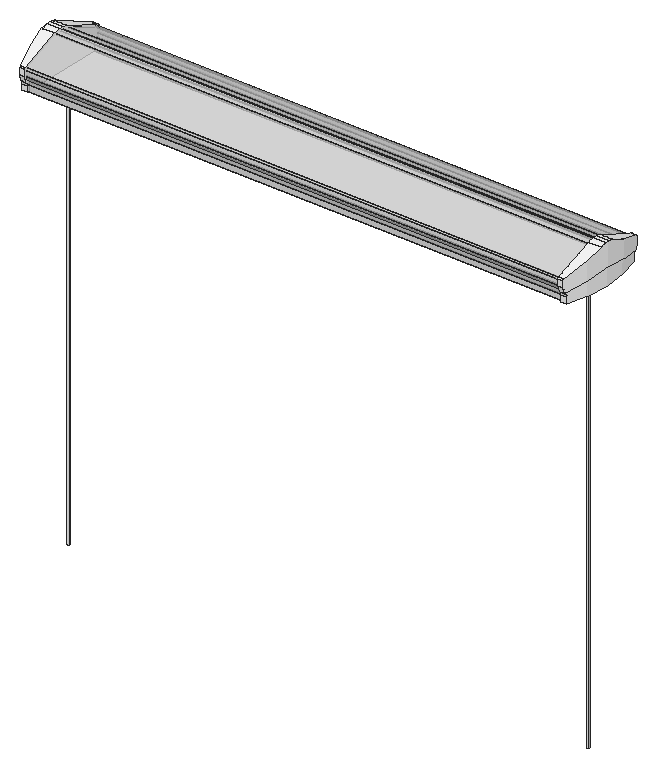
Revit family "0044871 Lighting Fixture_Sylvania_DeltaWing-LED-Electronic_Ceiling Pendant", category Lighting Fixtures, host Face, Revit 2017
Family settings
  Host = Face
  Round Connector Dimension = Use Diameter
  Part Type = Normal
  OmniClass Number = 23.80.70.11.17
  OmniClass Title = Specialized Lighting by Location or Use
  Cut with Voids When Loaded = No
  Light Source = Yes
  Shared = No
  Room Calculation Point = No
Parameters (values of type "DELTAWING LED39 EB 4K 1200")
  Width = 200.0 mm
  Weight = 3.40 kg
  Wattage = 36 W
  built-in parameter 1150110 = 1 (stored number, unit not read)
  Voltage Comments = "UNV (Universal Voltage; 220-240 Volt)"  # constant formula
  Voltage = 230 V  # constant formula
  URL = "http://www.sylvania-lighting.com"
  built-in parameter 1114217 = 1 (stored number, unit not read)
  Tilt Angle = -90.00°
  built-in parameter 1150109 = 1 (stored number, unit not read)
  built-in parameter 1150134 = 12
  Ta Rating = "-10°C to +25°C"  # constant formula
  built-in parameter 1150113 = 1 (stored number, unit not read)
  Product Page URL = "http://www.sylvania-lighting.com/product/en-int/products/0044871"
  Product Family = "DELTAWING LED - ELECTRONIC"  # constant formula
  Photometry Comments = ""
  Photometric Web File = "0044871_DELTAWINGLED40EB4K1200-197903.ies"
  Mounting Height = 1000.0 mm
  Mounting Distance = 1130.0 mm
  Life = "50 000h"  # constant formula
  Length = 1218.0 mm
  LOR = "100%"
  Inrush Current (max. quantity per 16A C breaker) = "20"  # constant formula
  IP Rating = "IP44"  # constant formula
  IK Rating = "IK08"  # constant formula
  Height = 85.0 mm
  Glow Wire Test = 850 °C  # constant formula
  Glare Control = "UGR<22"
  Emit from Line Length = Length - 2.0 mm * 29  # 1160.0 mm
  Electrical Protection = "Class I"  # constant formula
  Drive Current = "250 mA"
  built-in parameter 1114216 [instance] = 1 (stored number, unit not read)
  Cap Material = Plastic_Sylvania_DeltaWing_White
  Model = "DELTAWING LED39 EB 4K 1200"
  Manufacturer = "Feilo Sylvania"
  built-in parameter 1150105 = 320.68 (stored number, unit not read)
  Lumens = 4029.84 lm
  built-in parameter 1150115 = 1 (stored number, unit not read)
  built-in parameter 1150137 = (empty or 0)
  built-in parameter 1150139 = (empty or 0)
  built-in parameter 1150112 = 1 (stored number, unit not read)
  built-in parameter 1150114 = 1 (stored number, unit not read)
  Lamp = "Integrated LED"  # constant formula
  built-in parameter 1150132 = 2
  built-in parameter 1150102 = (empty or 0)
  built-in parameter 1150107 = 4000 (stored number, unit not read)
  built-in parameter 1150138 = (empty or 0)
  built-in parameter 1150106 = 3.2068 (stored number, unit not read)
  CRI (Ra) = "> 80"  # constant formula
  Body Material = Steel_Sylvania_DeltaWing_White
  built-in parameter 1150104 = 10.4 (stored number, unit not read)
  Dimming Lamp Color Temperature Shift = <None>
  Diffuser Material = Polycarbonate_Sylvania_DeltaWing_Opal_4000K
  Description = "Low profile surface and suspended LED diffuser luminaire DeltaWing LED is perfect to fulfil a wide range of applications, including educational environments, medical buildings, storage facilities and circulation areas including stairwells High performance: delivers up to 7,260lm (luminaire lumen output on 4,000K version), and up to 102lm/W (total system efficiency) Available in neutral white (4,000K) and warm white (3,000K) Smooth Polycarbonate extruded diffuser provides high efficiency, while minimising glare Precision prisms designed to optimise light output and reduce glare Options of non-dimmable, DALI, 3 hour maintained Emergency and Integrated Microwave sensor as standard Integrated Microwave sensor mounted discretely behind the diffuser helps further reduce energy and maintenance bills Suitable for suspended mounting using wire suspension kit (to be ordered seperately) BESA box connection possibility standard on product Long lifetime: 50,000 hours life at 70% of the original output L70 Energy class: A++, A+, A"  # constant formula
  Default Elevation = 0.0 mm
  Color Filter = 16777215
  Catalog Number = "0044871 DELTAWING LED39 EB 4K 1200"
  built-in parameter 1140040 [instance] = 1
  built-in parameter 1114218 = 1 (stored number, unit not read)
  built-in parameter 1150133 = 10 (stored number, unit not read)
  Assembly Code = "D5020200"
  Apparent Load = 36 VA
Reference planes
  plane 1 "Center (Front/Back)": y = 0
  plane 2 "Fixture Top": z = 915
  plane 3 "Center (Left/Right)": x = 0
  plane 4 "Fixture Left": x = -609
  plane 5 "Fixture Right": x = 609
  plane 6 "Fixture Back": y = 100
  plane 7 "Fixture Front": y = -100
  plane 8 "Cap left": x = -580
  plane 9 "Cap Right": x = 580
  plane 10 "Lamp Plane": z = 937
  plane 11 "Fixture Bottom": z = 1000
  plane 12: y = 20
  plane 13: y = -20
  plane 14: x = -565
  plane 15: x = 565
  plane 16: z = 900
Forms (mm)
  Extrusion 1, solid, material "Steel_Sylvania_DeltaWing_White" <- "Body Material", detail levels fine
    sketch origin (0, 0, 0) x (0, 1, 0) y (0, 0, 1)
      loop
        line (-88.5, 915) -> (88.5, 915) -> (88.5, 928.239) -> (90.848, 937) -> (88.777, 937) -> (86.5, 928.502) -> (86.5, 917) -> (-86.5, 917) -> (-86.5, 928.502) -> (-88.777, 937) -> (-90.848, 937) -> (-88.5, 928.239) -> (-88.5, 915)
    from -580 to 580
  Extrusion 2, solid, material "Polycarbonate_Sylvania_DeltaWing_Opal_4000K" <- "Diffuser Material", detail levels fine
    sketch origin (0, 0, 0) x (0, 1, 0) y (0, 0, 1)
      loop
        line (96, 948.502) -> (94.018, 941.104) -> (92.041, 941.455) -> (88.5, 928.239) -> (88.5, 915) -> (90.5, 915) -> (90.5, 927.975) -> (93.498, 939.165) -> (95.475, 938.815) -> (98, 948.238) -> (98, 959.42)
        arc (98, 959.42) -> (97.319, 961.653) -> (95.506, 963.125) r 4
        line (95.506, 963.125) -> (16.971, 995.055)
        arc (16.971, 995.055) -> (9.581, 997.257) -> (1.906, 998) r 40
        line (1.906, 998) -> (-1.906, 998)
        arc (-1.906, 998) -> (-9.581, 997.257) -> (-16.971, 995.055) r 40
        line (-16.971, 995.055) -> (-95.506, 963.125)
        arc (-95.506, 963.125) -> (-97.319, 961.653) -> (-98, 959.42) r 4
        line (-98, 959.42) -> (-98, 948.238) -> (-95.475, 938.815) -> (-93.498, 939.165) -> (-90.5, 927.975) -> (-90.5, 915) -> (-88.5, 915) -> (-88.5, 928.239) -> (-92.041, 941.455) -> (-94.018, 941.104) -> (-96, 948.502) -> (-96, 958.074)
        arc (-96, 958.074) -> (-95.319, 960.307) -> (-93.506, 961.779) r 4
        line (-93.506, 961.779) -> (-15.978, 993.299)
        arc (-15.978, 993.299) -> (-9.922, 995.17) -> (-3.638, 996) r 37.685
        line (-3.638, 996) -> (3.638, 996)
        arc (3.638, 996) -> (9.922, 995.17) -> (15.978, 993.299) r 37.685
        line (15.978, 993.299) -> (93.506, 961.779)
        arc (93.506, 961.779) -> (95.319, 960.307) -> (96, 958.074) r 4
        line (96, 958.074) -> (96, 948.502)
    from -580 to 580
  Extrusion 3, solid, material "Steel_Sylvania_DeltaWing_White" <- "Body Material", detail levels coarse+medium
    sketch origin (0, 0, 0) x (0, 1, 0) y (0, 0, 1)
      loop
        line (-16.971, 995.055) -> (-95.506, 963.125)
        arc (-95.506, 963.125) -> (-97.319, 961.653) -> (-98, 959.42) r 4
        line (-98, 959.42) -> (-98, 948.238) -> (-95.475, 938.815) -> (-93.498, 939.165) -> (-90.5, 927.975) -> (-90.5, 915) -> (90.5, 915) -> (90.5, 927.975) -> (93.498, 939.165) -> (95.475, 938.815) -> (98, 948.238) -> (98, 959.42)
        arc (98, 959.42) -> (97.319, 961.653) -> (95.506, 963.125) r 4
        line (95.506, 963.125) -> (16.971, 995.055)
        arc (16.971, 995.055) -> (9.581, 997.257) -> (1.906, 998) r 40
        line (1.906, 998) -> (-1.906, 998)
        arc (-1.906, 998) -> (-9.581, 997.257) -> (-16.971, 995.055) r 40
    from -580 to 580
  Extrusion 4, solid, material "Steel_Sylvania_DeltaWing_White" <- "Body Material", detail levels fine
    sketch origin (0, 0, 60) x (-1, 0, 0) y (0, -1, 0)
      loop
        circle (565, 0) r 6
      loop
        circle (-565, 0) r 6
    from 840 to 855
  Extrusion 5, solid, material "Steel_Sylvania_DeltaWing_White" <- "Body Material", detail levels fine
    sketch origin (0, 0, 60) x (-1, 0, 0) y (0, -1, 0)
      loop
        circle (565, 0) r 2.5
      loop
        circle (-565, 0) r 2.5
    from -60 to 840
Lines and regions (mm)
  model lines, detail levels coarse+medium
    curve 1: line (-565, 0, 915) -> (-565, 0, 0)
    curve 2: line (565, 0, 915) -> (565, 0, 0)
Dimensions and locks
  equal spacing: plane 4 "Fixture Left", plane 3 "Center (Left/Right)", plane 5 "Fixture Right"
  "Length": plane 4 "Fixture Left" to plane 5 "Fixture Right"
  locked: plane 4 "Fixture Left" to plane 8 "Cap left" at 29
  locked: plane 9 "Cap Right" to plane 5 "Fixture Right" at 29
  "Height": plane 11 "Fixture Bottom" to plane 2 "Fixture Top"
  equal spacing: plane 6 "Fixture Back", plane 1 "Center (Front/Back)", plane 7 "Fixture Front"
  "Width": plane 6 "Fixture Back" to plane 7 "Fixture Front"
  equal spacing: plane 12, plane 1 "Center (Front/Back)", plane 13
  "Mounting Height": plane 11 "Fixture Bottom" to level
  equal spacing: plane 14, plane 3 "Center (Left/Right)", plane 15
  "Mounting Distance": plane 14 to plane 15
  plane 2 "Fixture Top" to plane 16 = 15.0 mm
  locked: plane 10 "Lamp Plane" to plane 2 "Fixture Top" at 22
  aligned and locked: level to host face
  aligned and locked: nested 1 to plane 1 "Center (Front/Back)"
  aligned and locked: nested 1 to plane 5 "Fixture Right"
  aligned and locked: nested 2 to plane 4 "Fixture Left"
  aligned and locked: plane 2 "Fixture Top" to Extrusion 1 sketch curve
  aligned and locked: Extrusion 1 to plane 8 "Cap left"
  aligned and locked: plane 9 "Cap Right" to Extrusion 1
  aligned and locked: Extrusion 2 to plane 8 "Cap left"
  aligned and locked: plane 9 "Cap Right" to Extrusion 2
  aligned and locked: Extrusion 3 sketch curve to Extrusion 2  (x2)
  aligned and locked: Extrusion 3 to plane 8 "Cap left"
  aligned and locked: plane 9 "Cap Right" to Extrusion 3
  aligned and locked: plane 2 "Fixture Top" to nested 2
  aligned and locked: nested 1 to plane 2 "Fixture Top"
  aligned and locked: Extrusion 3 sketch curve to plane 2 "Fixture Top"
  aligned and locked: plane 2 "Fixture Top" to Extrusion 2 sketch curve
  aligned and locked: Extrusion 2 sketch curve to plane 2 "Fixture Top"
  aligned and locked: plane 2 "Fixture Top" to Extrusion 4
  aligned and locked: Extrusion 4 to plane 16
  aligned and locked: level to curve 1
  aligned and locked: curve 1 to plane 14
  aligned and locked: level to curve 2
  aligned and locked: curve 2 to plane 15
  aligned and locked: plane 16 to Extrusion 5
  aligned and locked: Extrusion 5 to level
  aligned and locked: imposter light to plane 1 "Center (Front/Back)"
  aligned and locked: plane 3 "Center (Left/Right)" to imposter light
  aligned and locked: plane 11 "Fixture Bottom" to imposter light
  aligned and locked: plane 2 "Fixture Top" to curve 2
  aligned and locked: plane 2 "Fixture Top" to curve 1
Automatic sketch dimensions
  host sketch curve to host sketch curve = 1713.741 mm
  host sketch curve to host sketch curve = 1283.632 mm
  plane 7 "Fixture Front" to Extrusion 2 sketch curve = 2.0 mm
  Extrusion 2 sketch curve to plane 10 "Lamp Plane" = 9.025 mm  (x2)
  Extrusion 2 sketch curve to Extrusion 2 sketch curve = 2.0 mm  (x8)
  Extrusion 2 sketch curve to Extrusion 2 sketch curve = 2.494 mm
  plane 10 "Lamp Plane" to Extrusion 2 sketch curve = 1.815 mm  (x2)
  plane 7 "Fixture Front" to Extrusion 2 sketch curve = 4.525 mm
  Extrusion 2 sketch curve to Extrusion 2 sketch curve = 1.457 mm  (x2)
  plane 10 "Lamp Plane" to Extrusion 2 sketch curve = 2.165 mm  (x2)
  Extrusion 2 sketch curve to Extrusion 2 sketch curve = 0.52 mm
  Extrusion 2 sketch curve to Extrusion 2 sketch curve = 1.977 mm  (x3)
  plane 7 "Fixture Front" to Extrusion 2 sketch curve = 9.5 mm
  plane 13 to Extrusion 2 sketch curve = 3.029 mm
  Extrusion 2 sketch curve to Extrusion 2 sketch curve = 0.993 mm  (x2)
  plane 1 "Center (Front/Back)" to Extrusion 2 sketch curve = 3.638 mm
  plane 1 "Center (Front/Back)" to Extrusion 2 sketch curve = 1.906 mm
  Extrusion 2 sketch curve to plane 1 "Center (Front/Back)" = 1.906 mm
  Extrusion 2 sketch curve to Extrusion 2 sketch curve = 1.732 mm
  plane 12 to Extrusion 2 sketch curve = 4.022 mm
  Extrusion 2 sketch curve to plane 6 "Fixture Back" = 11.5 mm
  Extrusion 2 sketch curve to plane 6 "Fixture Back" = 7.959 mm
  Extrusion 2 sketch curve to plane 6 "Fixture Back" = 6.494 mm
  Extrusion 2 sketch curve to plane 6 "Fixture Back" = 4.0 mm
  Extrusion 2 sketch curve to plane 6 "Fixture Back" = 2.0 mm
  Extrusion 2 sketch curve to Extrusion 2 sketch curve = 0.041 mm  (x2)
  Extrusion 2 sketch curve to Extrusion 2 sketch curve = 1.506 mm
  Extrusion 2 sketch curve to Extrusion 2 sketch curve = 0.494 mm
  Extrusion 2 sketch curve to Extrusion 2 sketch curve = 0.263 mm  (x4)
  Extrusion 2 sketch curve to Extrusion 2 sketch curve = 1.939 mm  (x2)
  Extrusion 2 sketch curve to Extrusion 2 sketch curve = 0.351 mm  (x2)
  Extrusion 2 sketch curve to Extrusion 2 sketch curve = 7.134 mm  (x2)
  Extrusion 2 sketch curve to Extrusion 2 sketch curve = 9.572 mm  (x2)
  Extrusion 2 sketch curve to Extrusion 2 sketch curve = 1.346 mm  (x2)
  Extrusion 2 sketch curve to plane 11 "Fixture Bottom" = 6.701 mm
  Extrusion 2 sketch curve to Extrusion 2 sketch curve = 0.0 mm
  Extrusion 2 sketch curve to Extrusion 2 sketch curve = 1.755 mm  (x2)
  Extrusion 2 sketch curve to Extrusion 2 sketch curve = 2.701 mm
  Extrusion 1 sketch curve to Extrusion 1 sketch curve = 2.0 mm  (x2)
  Extrusion 1 sketch curve to Extrusion 1 sketch curve = 0.263 mm  (x2)
  Extrusion 1 sketch curve to Extrusion 1 sketch curve = 2.071 mm  (x2)
  plane 7 "Fixture Front" to Extrusion 1 sketch curve = 9.152 mm
  plane 13 to Extrusion 3 sketch curve = 3.029 mm
  Extrusion 3 sketch curve to Extrusion 3 sketch curve = 1.506 mm  (x2)
  Extrusion 3 sketch curve to Extrusion 3 sketch curve = 11.181 mm  (x2)
  plane 10 "Lamp Plane" to Extrusion 3 sketch curve = 1.815 mm  (x2)
  plane 7 "Fixture Front" to Extrusion 3 sketch curve = 4.525 mm
  plane 10 "Lamp Plane" to Extrusion 3 sketch curve = 2.165 mm  (x2)
  Extrusion 3 sketch curve to Extrusion 3 sketch curve = 1.977 mm  (x2)
  plane 7 "Fixture Front" to Extrusion 3 sketch curve = 9.5 mm
  Extrusion 3 sketch curve to plane 10 "Lamp Plane" = 9.025 mm  (x2)
  plane 1 "Center (Front/Back)" to Extrusion 3 sketch curve = 1.906 mm
  plane 10 "Lamp Plane" to Extrusion 3 sketch curve = 21.0 mm
  plane 12 to Extrusion 3 sketch curve = 3.029 mm
  Extrusion 3 sketch curve to plane 1 "Center (Front/Back)" = 1.906 mm
  Extrusion 3 sketch curve to plane 6 "Fixture Back" = 4.494 mm
  Extrusion 3 sketch curve to Extrusion 3 sketch curve = 0.0 mm
  plane 10 "Lamp Plane" to Extrusion 3 sketch curve = 26.125 mm
  Extrusion 3 sketch curve to plane 6 "Fixture Back" = 2.0 mm
  Extrusion 3 sketch curve to plane 6 "Fixture Back" = 4.525 mm
  Extrusion 3 sketch curve to plane 6 "Fixture Back" = 9.5 mm
  Extrusion 1 sketch curve to plane 6 "Fixture Back" = 11.223 mm
  plane 7 "Fixture Front" to Extrusion 1 sketch curve = 11.5 mm
  Extrusion 1 sketch curve to plane 6 "Fixture Back" = 13.5 mm
  plane 1 "Center (Front/Back)" to Extrusion 4 sketch curve = 0.0 mm  (x2)
  Extrusion 4 sketch curve to plane 15 = 0.0 mm
  Extrusion 4 sketch curve to plane 14 = 0.0 mm
  plane 1 "Center (Front/Back)" to Extrusion 5 sketch curve = 0.0 mm  (x2)
  Extrusion 5 sketch curve to plane 15 = 0.0 mm
  Extrusion 5 sketch curve to plane 14 = 0.0 mm
  Extrusion 1 sketch curve to plane 10 "Lamp Plane" = 8.761 mm  (x2)
  plane 2 "Fixture Top" to Extrusion 1 sketch curve = 2.0 mm
  Extrusion 1 sketch curve to plane 10 "Lamp Plane" = 0.0 mm  (x2)
  radius of Extrusion 4 sketch curve = 6.0 mm  (x2)
  radius of Extrusion 5 sketch curve = 2.5 mm  (x2)
Nested families
  nested 1: "Cap" at (580, 0, 915) x (0, 1, 0) z (0, 0, 1), type "Type"
  nested 2: "Cap" at (-580, 0, 915) x (0, 1, 0) z (0, 0, 1), type "Type"
Connectors
  electrical at (0, 0, 915), driven by "Voltage", driven by "Apparent Load"
    settings: on Extrusion 1, index 1, voltage 230 V, apparent load 0 VA, apparent load phase1 36 VA, apparent load phase2 0 VA, apparent load phase3 0 VA, power factor 1, load classification "Lighting", number of poles 1, system type 31, power factor state 1, is connector primary yes, connector utility no, sub classification motor no, connector description ""
Definition of nested family "Cap"
  Parameters
    Height = 85.0 mm
    Width = 200.0 mm
    Default Elevation = 0.0 mm
    Cap Material = none
  Reference planes
    plane 1 "Center (Front/Back)": y = 0
    plane 2: z = 0
    plane 3 "Center (Left/Right)": x = 0
    plane 4: x = 100
    plane 5: x = -100
    plane 6: y = -29
    plane 7: y = -10
    plane 8: z = 85
    plane 9: z = 17
    plane 10: z = 22
    plane 11: z = 37
  Forms (mm)
    Extrusion 1, solid, material <- "Cap Material"
      sketch origin (0, 0, 0) x (1, 0, 0) y (0, 1, 0)
        loop
          line (-100, 0) -> (-100, -10)
          arc (-100, -10) -> (0, -28.818) -> (100, -10) r 275.114
          line (100, -10) -> (100, 0) -> (-100, 0)
      from 0 to 85
    Extrusion 2, void
      sketch origin (0, 0, 0) x (1, 0, 0) y (0, 0, 1)
        loop
          line (-92.5, 0) -> (-92.5, 12.712) -> (-94.955, 21.876) -> (-96.887, 21.358) -> (-101.913, 40.115)
          arc (-101.913, 40.115) -> (-101.345, 45.755) -> (-97.183, 49.603) r 8
          line (-97.183, 49.603) -> (-17.481, 82.006)
          arc (-17.481, 82.006) -> (-8.901, 84.444) -> (0, 85) r 41.685
          arc (0, 85) -> (8.901, 84.444) -> (17.481, 82.006) r 41.685
          line (17.481, 82.006) -> (97.183, 49.603)
          arc (97.183, 49.603) -> (101.345, 45.755) -> (101.913, 40.115) r 8
          line (101.913, 40.115) -> (96.887, 21.358) -> (94.955, 21.876) -> (92.5, 12.712) -> (92.5, 0) -> (117.5, 0) -> (117.5, 106.013) -> (-117.5, 106.013) -> (-117.5, 0) -> (-92.5, 0)
      from 0 to 250
    Extrusion 3, void
      sketch origin (0, 0, 0) x (1, 0, 0) y (0, 0, 1)
        loop
          line (-94.955, 21.876) -> (-100, 20.524) -> (-100, 0) -> (100, 0) -> (100, 20.524) -> (94.955, 21.876) -> (10.419, 36.87)
          arc (10.419, 36.87) -> (0, 37.781) -> (-10.419, 36.87) r 60
          line (-10.419, 36.87) -> (-94.955, 21.876)
      from -68.585 to 250
    Extrusion 4, solid, material <- "Cap Material"
      sketch origin (0, 0, 0) x (1, 0, 0) y (0, 1, 0)
        loop
          line (-100, 0) -> (-100, -9.525)
          arc (-100, -9.525) -> (0.169, -27.445) -> (100, -7.727) r 275.114
          line (100, -7.727) -> (100, 0) -> (-100, 0)
      from 0 to 85
    Extrusion 5, void
      sketch origin (0, 0, 0) x (1, 0, 0) y (0, 0, 1)
        loop
          line (-92.5, 0) -> (-92.5, 12.712) -> (-94.955, 21.876) -> (-96.887, 21.358) -> (-101.913, 40.115)
          arc (-101.913, 40.115) -> (-101.345, 45.755) -> (-97.183, 49.603) r 8
          line (-97.183, 49.603) -> (-17.481, 82.006)
          arc (-17.481, 82.006) -> (-8.901, 84.444) -> (0, 85) r 41.685
          arc (0, 85) -> (8.901, 84.444) -> (17.481, 82.006) r 41.685
          line (17.481, 82.006) -> (97.183, 49.603)
          arc (97.183, 49.603) -> (101.345, 45.755) -> (101.913, 40.115) r 8
          line (101.913, 40.115) -> (96.887, 21.358) -> (94.955, 21.876) -> (92.5, 12.712) -> (92.5, 0) -> (117.5, 0) -> (117.5, 106.013) -> (-117.5, 106.013) -> (-117.5, 0) -> (-92.5, 0)
      from 0 to 250
  Cuts and joins
    Extrusion 2, Extrusion 3, Extrusion 5 cuts Extrusion 1
    Extrusion 5 cuts Extrusion 4
    joined: Extrusion 1, Extrusion 4
  Dimensions and locks
    equal spacing: plane 5, plane 3 "Center (Left/Right)", plane 4
    "Width": plane 5 to plane 4
    locked: plane 1 "Center (Front/Back)" to plane 6 at 29
    plane 1 "Center (Front/Back)" to plane 7 = 10.0 mm
    "Height": plane 8 to level
    plane 9 to plane 2 = 17.0 mm
    plane 10 to plane 9 = 5.0 mm
    Extrusion 2 sketch curve to plane 5 = 7.5 mm
    aligned and locked: level to plane 2
    aligned and locked: plane 1 "Center (Front/Back)" to Extrusion 1 sketch curve
    aligned and locked: Extrusion 1 sketch curve to plane 5
    aligned and locked: Extrusion 1 sketch curve to plane 4
    aligned and locked: plane 7 to Extrusion 1 sketch curve  (x2)
    aligned and locked: Extrusion 1 to plane 2
    aligned and locked: plane 8 to Extrusion 1
  Automatic sketch dimensions
    Extrusion 1 sketch curve to plane 1 "Center (Front/Back)" = 246.296 mm
    Extrusion 2 sketch curve to plane 5 = 17.5 mm
    Extrusion 2 sketch curve to plane 9 = 4.288 mm
    Extrusion 2 sketch curve to plane 3 "Center (Left/Right)" = 0.0 mm
    Extrusion 2 sketch curve to plane 8 = 0.0 mm
    Extrusion 2 sketch curve to plane 5 = 1.913 mm
    plane 5 to Extrusion 2 sketch curve = 2.817 mm
    plane 10 to Extrusion 2 sketch curve = 0.642 mm  (x2)
    plane 5 to Extrusion 2 sketch curve = 3.113 mm
    plane 10 to Extrusion 2 sketch curve = 0.124 mm  (x2)
    Extrusion 2 sketch curve to plane 8 = 2.994 mm  (x2)
    Extrusion 2 sketch curve to plane 3 "Center (Left/Right)" = 17.481 mm
    plane 3 "Center (Left/Right)" to Extrusion 2 sketch curve = 17.481 mm
    Extrusion 2 sketch curve to plane 4 = 7.5 mm
    Extrusion 2 sketch curve to plane 4 = 5.045 mm
    Extrusion 2 sketch curve to Extrusion 2 sketch curve = 1.932 mm
    Extrusion 2 sketch curve to plane 4 = 2.817 mm
    plane 4 to Extrusion 2 sketch curve = 1.913 mm
    plane 4 to Extrusion 2 sketch curve = 17.5 mm
    plane 5 to Extrusion 2 sketch curve = 5.814 mm
    Extrusion 2 sketch curve to plane 3 "Center (Left/Right)" = 1.865 mm
    plane 3 "Center (Left/Right)" to Extrusion 2 sketch curve = 1.865 mm
    Extrusion 2 sketch curve to plane 4 = 5.814 mm
    Extrusion 2 sketch curve to Extrusion 2 sketch curve = 9.488 mm  (x2)
    plane 8 to Extrusion 2 sketch curve = 21.013 mm
    Extrusion 2 sketch curve to level = 0.0 mm  (x2)
    Extrusion 3 sketch curve to plane 3 "Center (Left/Right)" = 0.0 mm
    plane 10 to Extrusion 3 sketch curve = 0.124 mm  (x2)
    Extrusion 3 sketch curve to plane 3 "Center (Left/Right)" = 10.419 mm
    plane 3 "Center (Left/Right)" to Extrusion 3 sketch curve = 10.419 mm
    plane 11 to Extrusion 3 sketch curve = 0.13 mm
    plane 10 to Extrusion 3 sketch curve = 1.476 mm  (x2)
    Extrusion 3 sketch curve to level = 0.0 mm
    Extrusion 3 sketch curve to plane 5 = 0.0 mm
    Extrusion 3 sketch curve to Extrusion 3 sketch curve = 22.219 mm
    plane 5 to Extrusion 3 sketch curve = 5.045 mm
    Extrusion 3 sketch curve to plane 4 = 5.045 mm
    plane 4 to Extrusion 3 sketch curve = 0.0 mm
    plane 1 "Center (Front/Back)" to Extrusion 4 sketch curve = 0.0 mm
    Extrusion 4 sketch curve to plane 5 = 0.0 mm
    Extrusion 4 sketch curve to plane 4 = 0.0 mm
    plane 7 to Extrusion 4 sketch curve = 2.273 mm
    plane 7 to Extrusion 4 sketch curve = 0.475 mm
    Extrusion 4 sketch curve to plane 1 "Center (Front/Back)" = 247.658 mm
    Extrusion 5 sketch curve to level = 0.0 mm  (x2)
    Extrusion 5 sketch curve to plane 5 = 17.5 mm
    Extrusion 5 sketch curve to plane 9 = 4.288 mm  (x2)
    Extrusion 5 sketch curve to plane 3 "Center (Left/Right)" = 0.0 mm
    Extrusion 5 sketch curve to plane 8 = 0.0 mm
    Extrusion 5 sketch curve to plane 5 = 1.913 mm
    plane 5 to Extrusion 5 sketch curve = 2.817 mm
    plane 10 to Extrusion 5 sketch curve = 0.642 mm  (x2)
    plane 5 to Extrusion 5 sketch curve = 3.113 mm
    plane 10 to Extrusion 5 sketch curve = 0.124 mm  (x2)
    Extrusion 5 sketch curve to Extrusion 5 sketch curve = 1.932 mm
    Extrusion 5 sketch curve to plane 8 = 2.994 mm  (x2)
    Extrusion 5 sketch curve to plane 3 "Center (Left/Right)" = 17.481 mm
    plane 3 "Center (Left/Right)" to Extrusion 5 sketch curve = 17.481 mm
    Extrusion 5 sketch curve to plane 4 = 7.5 mm
    Extrusion 5 sketch curve to plane 4 = 5.045 mm
    Extrusion 5 sketch curve to plane 4 = 2.817 mm
    plane 4 to Extrusion 5 sketch curve = 1.913 mm
    plane 4 to Extrusion 5 sketch curve = 17.5 mm
    plane 5 to Extrusion 5 sketch curve = 5.814 mm
    Extrusion 5 sketch curve to plane 3 "Center (Left/Right)" = 1.865 mm
    plane 3 "Center (Left/Right)" to Extrusion 5 sketch curve = 1.865 mm
    Extrusion 5 sketch curve to plane 4 = 5.814 mm
    Extrusion 5 sketch curve to Extrusion 5 sketch curve = 9.488 mm  (x2)
    plane 8 to Extrusion 5 sketch curve = 21.013 mm
